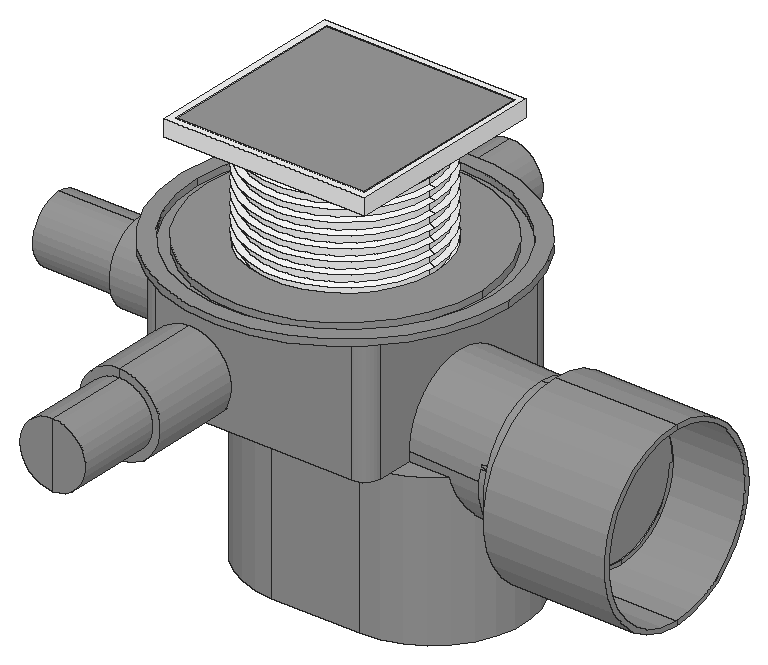
Revit family "HL_Трап для внутренних помещений_HL70", category Instalační zařizovací předměty, Revit 2016
Family settings
  Typ součásti = Normální
  Kóta kulaté spojky = Použít průměr
  Číslo OmniClass = 23.70.50.21.24.14
  Nadpis OmniClass = Deck Waste Water Drains
  Založené na pracovní rovině = Ne
  Vždy vertikální = Ano
  Ořezat dutým tvarem při načtení = Ne
  Sdílené = Ano
  Bod výpočtu místnosti = Ano
Parameters (values of type "HL_Трап для внутренних помещений_HL70")
  РЕШЁТКА = "115x115mm/ V2A"
  РАЗМЕР = "DN75/110"
  ПРОПУСКНАЯ СПОСОБНОСТЬ [instance] = 0.0 L/s
  ПРОИЗВОДИТЕЛЬНОСТЬ = "1,12 l/s"
  ПРИЁМНОЕ ОТВЕРСТИЕ = "3 x DN40/50"
  ПРАВОВАЯ ИНФОРМАЦИЯ = "\"Авторские права(©), права на дизайн или какие либо другие права интелектуальной собственности являются исключительной собственностью компании HL Hutterer & Lechner. Изменению не подлежит. Файл семейства с данными о прозводителе изделия защищен паролем с водяным знаком.\""
  ПАДЕНИЕ ДАВЛЕНИЯ [instance] = 0.0 Pa
  НОМИНАЛЬНЫЙ ДИАМЕТР 4 [instance] = 40 mm
  НОМИНАЛЬНЫЙ ДИАМЕТР 3 [instance] = 40 mm
  НОМИНАЛЬНЫЙ ДИАМЕТР 2 [instance] = 40 mm
  НОМИНАЛЬНЫЙ ДИАМЕТР [instance] = 110 mm
  НАСАДКА = "12-70mm/123x123mm/ PP"
  МАТЕРИАЛ = "PE"
  МАКСИМАЛЬНАЯ НАГРУЗКА КЛАССА = "K3 - 300 kg"
  ВЫСОТА МОНТАЖА = "185 mm"
  ВЕС = "1,231 kg"
  Připojení ventilace = no
  Výrobce = "HL Hutterer & Lechner GmbH"
  URL = "http://www.hutterer-lechner.com/ru/products/catalog/roof-drains/HL70.aspx"
  Připojení odpadu = yes
  Připojení HW = no
  Popis = "Трап для внутренних помещений"
  N [instance] = НОМИНАЛЬНЫЙ ДИАМЕТР = 110 mm  # yes
  Model = "HL70"
  L24 [instance] = 39 mm
  Komentáře k typům = "Трап для внутренних помещений DN75/110 горизонтальный с предохранительным затвором обратного потока воды и тремя входными отверстиями DN40/50, 123х123мм/115х115мм."
  Keynote = "HL70"
  Высота монтажа [instance] = 70 mm
  Připojení CW = no
  FO [instance] = FI1 + FI2 + FI3 + ПРОПУСКНАЯ СПОСОБНОСТЬ  # 0.0 L/s
  FI3 [instance] = 0.0 L/s
  FI2 [instance] = 0.0 L/s
  FI1 [instance] = 0.0 L/s
  EAN = "9003076700707"
  D4 [instance] = if(НОМИНАЛЬНЫЙ ДИАМЕТР 4 = 40 mm, 174.8 mm, if(НОМИНАЛЬНЫЙ ДИАМЕТР 4 = 50 mm, 123.8 mm, 0 mm))  # 174.8 mm
  D3 [instance] = if(НОМИНАЛЬНЫЙ ДИАМЕТР 3 = 40 mm, 175 mm, if(НОМИНАЛЬНЫЙ ДИАМЕТР 3 = 50 mm, 124 mm, 0 mm))  # 175 mm
  D2 [instance] = if(НОМИНАЛЬНЫЙ ДИАМЕТР 2 = 40 mm, 174.8 mm, if(НОМИНАЛЬНЫЙ ДИАМЕТР 2 = 50 mm, 123.8 mm, 0 mm))  # 174.8 mm
  D1 [instance] = if(НОМИНАЛЬНЫЙ ДИАМЕТР = 75 mm, 168.8 mm, 202.6 mm)  # 202.6 mm
  D [instance] = Высота монтажа + 56.6 mm  # 126.6 mm
  C [instance] = Высота монтажа + 56.6 mm  # 126.6 mm
  B [instance] = if(НОМИНАЛЬНЫЙ ДИАМЕТР = 75 mm, 81 mm, 87 mm) + Высота монтажа  # 157 mm
  A [instance] = if(B - 100 mm > 15 mm, B - 100 mm, 15 mm)  # 57 mm
Reference planes
  plane 1 "Center (Front/Back)": y = 0
  plane 2: z = 0
  plane 3 "Center (Left/Right)": x = 0
  plane 4 "Ball Joint Vertical": x = 25.45
  plane 5: z = -70
  plane 6: z = -157
  plane 7: x = -39
Lines and regions (mm)
  model lines, style "InvisibleLines"
    curve 1: line (0, 0, 0) -> (0, 0, 560)
  reference lines
    curve 2: line (172.6, 0, -157) -> (202.6, 0, -157)
    curve 6: line (-39, 0, -126.6) -> (-175, 0, -126.6)
    curve 24: line (-39, 0, -126.6) -> (-39, 174.8, -126.6)
    curve 25: line (-39, 0, -126.6) -> (-39, -174.8, -126.6)
  model lines, detail levels coarse+medium
    curve 3: line (0, 0, -157) -> (0, 0, -100)
    curve 4: line (0, 0, -100) -> (100, 0, 0)
    curve 5: line (0, 0, -100) -> (-100, 0, 0)
    curve 7: line (0, 0, -157) -> (202.6, 0, -157)
  symbolic lines, style "PlumbingFixtures", detail levels coarse+medium
    curve 8: line (-75, 75, 0) -> (75, 75, 0)
    curve 9: line (-75, -75, 0) -> (-75, 75, 0)
    curve 10: line (75, -75, 0) -> (-75, -75, 0)
    curve 11: line (75, 75, 0) -> (75, -75, 0)
    curve 12: line (-75, 75, 0) -> (-145.711, 145.711, 0)
    curve 13: line (75, 75, 0) -> (145.711, 145.711, 0)
    curve 14: line (-75, -75, 0) -> (-145.711, -145.711, 0)
    curve 15: line (75, -75, 0) -> (145.711, -145.711, 0)
  symbolic lines, style "PlumbingFixtures", not visible, detail levels coarse+medium
    curve 16: line (-75, 75, 0) -> (75, 75, 0)
    curve 17: line (-75, -75, 0) -> (-75, 75, 0)
    curve 18: line (75, -75, 0) -> (-75, -75, 0)
    curve 19: line (75, 75, 0) -> (75, -75, 0)
    curve 20: line (-75, 75, 0) -> (-145.711, 145.711, 0)
    curve 21: line (75, 75, 0) -> (145.711, 145.711, 0)
    curve 22: line (-75, -75, 0) -> (-145.711, -145.711, 0)
    curve 23: line (75, -75, 0) -> (145.711, -145.711, 0)
Text (mm)
  text "FLOOR" at (-198.233, 0, -26.556), in view "вид строительства"
Dimensions and locks
  locked: plane 4 "Ball Joint Vertical" to plane 3 "Center (Left/Right)" at 25.45
  "Высота монтажа": plane 2 to plane 5
  "A": curve 5 to plane 6
  "B": curve 5 to plane 6
  "B": curve 4 to plane 6
  "B": plane 2 to plane 6
  "C": plane 2 to curve 6
  "B": plane 2 to curve 7
  "D3": plane 3 "Center (Left/Right)" to curve 6
  "L24": plane 7 to plane 3 "Center (Left/Right)"
  "D1": curve 2 to plane 3 "Center (Left/Right)"
  "D1": curve 7 to plane 3 "Center (Left/Right)"
  "D4": curve 24 to plane 1 "Center (Front/Back)"
  "D2": plane 1 "Center (Front/Back)" to curve 25
  "D": curve 25 to plane 2
  locked: plane 5 to nested 4 at 81
  locked: curve 4 to plane 3 "Center (Left/Right)" (angle 45.00°)
  locked: plane 3 "Center (Left/Right)" to curve 5 (angle 45.00°)
  aligned and locked: level to plane 2
  aligned and locked: plane 2 to curve 1
  aligned and locked: plane 3 "Center (Left/Right)" to curve 1
  aligned and locked: plane 3 "Center (Left/Right)" to curve 5
  aligned and locked: plane 6 to curve 2
  aligned and locked: plane 5 to nested 1
  aligned and locked: nested 1 to plane 3 "Center (Left/Right)"
  aligned and locked: plane 3 "Center (Left/Right)" to nested 3
  aligned and locked: plane 3 "Center (Left/Right)" to nested 2
  aligned and locked: nested 3 to nested 2
  aligned and locked: plane 2 to nested 3
Automatic sketch dimensions
  level to curve 1 = 560 mm
  curve 6 to plane 7 = 0 mm
  curve 2 to curve 2 = 30 mm
  curve 25 to plane 1 "Center (Front/Back)" = 0 mm
Nested families
  nested 1: "HL-Трап для внутренних помещений-HL70K" at (0, 0, -70) x (-1, 0, 0) z (0, 0, 1), НОМИНАЛЬНЫЙ ДИАМЕТР 2 <- "НОМИНАЛЬНЫЙ ДИАМЕТР 2", НОМИНАЛЬНЫЙ ДИАМЕТР 3 <- "НОМИНАЛЬНЫЙ ДИАМЕТР 3", НОМИНАЛЬНЫЙ ДИАМЕТР 4 <- "НОМИНАЛЬНЫЙ ДИАМЕТР 4", type "HL-Трап для внутренних помещений-HL70K"
    with НОМИНАЛЬНЫЙ ДИАМЕТР 4 40 mm, НОМИНАЛЬНЫЙ ДИАМЕТР 3 40 mm, НОМИНАЛЬНЫЙ ДИАМЕТР 2 40 mm, НОМИНАЛЬНЫЙ ДИАМЕТР 110 mm, ND4 -90 mm, ND3 -90 mm, ND2 -90 mm
  nested 2: "HL-Решётка-HL037N.1E" at (0, 0, 0), type "HL-Решётка-HL037N.1E"
  nested 3: "HL-Насадка-HL037N.2E" at (0, 0, 0), Высота монтажа <- "Высота монтажа", type "HL037N.2E"
    with Высота монтажа 70 mm, RN 11, RL 71.5 mm, R yes, NL_Test yes, NL 90 mm
  nested 4: "HL-Уменьшение-HL0317.4E" at (128.625, 0, -212) x (1, 0, 0) z (0, 0, -1), visible <- "N", type "HL0317.4E"
Connectors
  piping at (202.6, 0, -157), diameter 110, driven by "НОМИНАЛЬНЫЙ ДИАМЕТР", driven by "FO"
    settings: on curve 2, index 1, connector inside diameter 609.6 mm, connector length 0 mm, flow factor 0, pipe flow 0.0 L/s, pressure drop 0.0 Pa, fitting loss kfactor 0, connector angle 0.00°, fixture units 0, engagement length 0 mm, angle of deflection 0.00°, flow configuration 1, flow direction 2, fitting loss method 0, system type 16, joint type 0, gender type 0, connector reference index 2, connector utility 0, adjustable connector yes, is connector primary no, connector description ""
  piping at (-175, 0, -126.6), diameter 40, driven by "НОМИНАЛЬНЫЙ ДИАМЕТР 3", driven by "FI2"
    settings: on curve 6, index 2, connector inside diameter 609.6 mm, connector length 0 mm, flow factor 0, pipe flow 0.0 L/s, pressure drop 0.0 Pa, fitting loss kfactor 0, connector angle 0.00°, fixture units 0, engagement length 0 mm, angle of deflection 0.00°, flow configuration 0, flow direction 1, fitting loss method 0, system type 16, joint type 0, gender type 0, connector reference index 1, connector utility 0, adjustable connector yes, is connector primary yes, connector description ""
  piping at (-39, 174.8, -126.6), diameter 40, driven by "НОМИНАЛЬНЫЙ ДИАМЕТР 4", driven by "FI3"
    settings: on curve 24, index 4, connector inside diameter 609.6 mm, connector length 0 mm, flow factor 0, pipe flow 0.0 L/s, pressure drop 0.0 Pa, fitting loss kfactor 0, connector angle 0.00°, fixture units 0, engagement length 0 mm, angle of deflection 0.00°, flow configuration 0, flow direction 1, fitting loss method 0, system type 16, joint type 0, gender type 0, connector reference index -1, connector utility 0, adjustable connector yes, is connector primary no, connector description ""
  piping at (-39, -174.8, -126.6), diameter 40, driven by "НОМИНАЛЬНЫЙ ДИАМЕТР 2", driven by "FI1"
    settings: on curve 25, index 5, connector inside diameter 609.6 mm, connector length 0 mm, flow factor 0, pipe flow 0.0 L/s, pressure drop 0.0 Pa, fitting loss kfactor 0, connector angle 0.00°, fixture units 0, engagement length 0 mm, angle of deflection 0.00°, flow configuration 0, flow direction 1, fitting loss method 0, system type 16, joint type 0, gender type 0, connector reference index -1, connector utility 0, adjustable connector yes, is connector primary no, connector description ""
Definition of nested family "HL-Трап для внутренних помещений-HL70K"
  Parameters
    РАЗМЕР = ""
    ПРОИЗВОДИТЕЛЬНОСТЬ = ""
    ПРИЁМНОЕ ОТВЕРСТИЕ = ""
    НОМИНАЛЬНЫЙ ДИАМЕТР 4 [instance] = 40 mm
    НОМИНАЛЬНЫЙ ДИАМЕТР 3 [instance] = 40 mm
    НОМИНАЛЬНЫЙ ДИАМЕТР 2 [instance] = 40 mm
    НОМИНАЛЬНЫЙ ДИАМЕТР [instance] = 0 mm
    МАТЕРИАЛ = ""
    ВЫСОТА МОНТАЖА = ""
    ВЕС = ""
    Manufacturer = ""
    URL = ""
    Description = ""
    ND4 [instance] = if(НОМИНАЛЬНЫЙ ДИАМЕТР 4 = 40 mm, -90 mm, if(НОМИНАЛЬНЫЙ ДИАМЕТР 4 = 50 mm, 0 mm, -100 mm))  # -90 mm
    ND3 [instance] = if(НОМИНАЛЬНЫЙ ДИАМЕТР 3 = 40 mm, -90 mm, if(НОМИНАЛЬНЫЙ ДИАМЕТР 3 = 50 mm, 0 mm, -100 mm))  # -90 mm
    ND2 [instance] = if(НОМИНАЛЬНЫЙ ДИАМЕТР 2 = 40 mm, -90 mm, if(НОМИНАЛЬНЫЙ ДИАМЕТР 2 = 50 mm, 0 mm, -100 mm))  # -90 mm
    Model = ""
    LEGAL NOTICE = ""
    Type Comments = ""
    Keynote = ""
    EAN = ""
    Cost = 0
  Types (2, lengths in mm): name | РАЗМЕР | ПРОИЗВОДИТЕЛЬНОСТЬ | ПРИЁМНОЕ ОТВЕРСТИЕ | МАТЕРИАЛ | ВЫСОТА МОНТАЖА | ВЕС | Manufacturer | URL | Description | Model | LEGAL NOTICE | Type Comments | Keynote | EAN
    (no name) | "" | "" | "" | "" | "" | "" | "" | "" | "" | "" | "" | "" | "" | ""
    HL-Трап для внутренних помещений-HL70K | "DN75/110" | "1,12 l/s" | "3 x DN40/50" | "PE" | "173 mm" | "0,726 kg" | "HL Hutterer & Lechner GmbH" | "http://www.hutterer-lechner.com/ru/products/catalog/roof-drains/HL70K.aspx" | "Трап для внутренних помещений" | "HL70K" | "\"Авторские права(©), права на дизайн или какие либо другие права интелектуальной собственности являются исключительной собственностью компании HL Hutterer & Lechner. Изменению не подлежит. Файл семейства с данными о прозводителе изделия защищен паролем с водяным знаком.\"" | "Трап для внутренних помещений DN75/110 горизонтальный с предохранительным затвором обратного потока воды и тремя входными отверстиями DN40/50." | "HL70K" | "9003076011995"
  Reference planes
    plane 1 "Střed (vpředu/vzadu)": y = 0
    plane 2: z = 0
    plane 3 "Střed (vlevo/vpravo)": x = 0
  Forms (mm)
    Extrusion 1, solid, detail levels fine
      sketch origin (0, 0, 0) x (1, 0, 0) y (0, 1, 0)
        loop
          circle (0, 0) r 100
        loop
          circle (0, 0) r 90.712
        loop
          circle (0, 0) r 83.924
        loop
          circle (0, 0) r 55.36
      from 0 to -4
    Extrusion 2, solid, detail levels fine
      sketch origin (0, 0, -4) x (0, 1, 0) y (1, 0, 0)
        loop
          circle (0, 0) r 93.56
      from 0 to 3
    Extrusion 3, solid, detail levels fine
      sketch origin (0, 0, -7) x (-1, 0, 0) y (0, 1, 0)
        loop
          arc (60, -70) -> (67.071, -67.071) -> (70, -60) r 10
          line (70, -60) -> (70, 60)
          arc (70, 60) -> (67.071, 67.071) -> (60, 70) r 10
          line (60, 70) -> (-60, 70)
          arc (-60, 70) -> (-67.071, 67.071) -> (-70, 60) r 10
          line (-70, 60) -> (-70, -60)
          arc (-70, -60) -> (-67.071, -67.071) -> (-60, -70) r 10
          line (-60, -70) -> (60, -70)
      from 0 to 74.618
    Extrusion 4, solid, detail levels fine
      sketch origin (0, 0, -81.618) x (0, -1, 0) y (-1, 0, 0)
        loop
          arc (-56, 0) -> (-0.32, -55.68) -> (55.36, 0) r 55.68
          line (55.36, 0) -> (55.36, 54)
          arc (55.36, 54) -> (-0.32, 109.68) -> (-56, 54) r 55.68
          line (-56, 54) -> (-56, 0)
      from 0 to 92
    Sweep 5, solid, detail levels fine
      path origin (0, 0, 1.669) x (1, 0, 0) y (0, 0, 1)
        loop
          line (-167.087, -116.62) -> (-37.204, -111.12)
      profile origin (-102.145, 0, -112.201) x (-0.042308, 0, 0.999105) y (0, -1, 0)
        loop
          circle (34.934, 0) r 39
    Revolve 6, solid, detail levels fine
      sketch origin (0, 0, 22.014) x (1, 0, 0) y (0, 0, 1)
        loop
          line (175, -78.618) -> (175, -58.618) -> (124.072, -58.618) -> (124.072, -53.618) -> (65, -53.618) -> (65, -78.618) -> (175, -78.618)
        axis (175, -78.618) -> (65, -78.618)
      angle from 0 to 360
    Extrusion 7, void
      sketch origin (124.072, 0, -56.604) x (0, -1, 0) y (0, 0, 1)
        loop
          circle (0, 0) r 25
      from -100 to -90 <- "ND3"
    Revolve 8, solid, detail levels fine
      sketch origin (39, -0.32, 22.014) x (0, 1, 0) y (0, 0, 1)
        loop
          line (175, -78.618) -> (175, -58.618) -> (124.072, -58.618) -> (124.072, -53.618) -> (65, -53.618) -> (65, -78.618) -> (175, -78.618)
        axis (175, -78.618) -> (65, -78.618)
      angle from 0 to 360
    Extrusion 9, void
      sketch origin (39, 123.752, -56.604) x (1, 0, 0) y (0, 0, 1)
        loop
          circle (0, 0) r 25
      from -100 to -90 <- "ND2"
    Revolve 10, solid, detail levels fine
      sketch origin (39, 0.32, 22.014) x (0, -1, 0) y (0, 0, -1)
        loop
          line (175, 78.618) -> (65, 78.618) -> (65, 53.618) -> (124.072, 53.618) -> (124.072, 58.618) -> (175, 58.618) -> (175, 78.618)
        axis (175, 78.618) -> (65, 78.618)
      angle from 0 to 360
    Extrusion 11, void
      sketch origin (39, -123.752, -56.604) x (0, 0, -1) y (-1, 0, 0)
        loop
          circle (0, 0) r 25
      from -100 to -90 <- "ND4"
  Cuts and joins
    Extrusion 11 cuts Revolve 10
    Extrusion 7 cuts Revolve 6
    Extrusion 9 cuts Revolve 8
  Dimensions and locks
    aligned and locked: level to plane 2
Definition of nested family "HL-Решётка-HL037N.1E"
  Parameters
    РАЗМЕР = "115x115mm"
    ПРАВОВАЯ ИНФОРМАЦИЯ = "\"Авторские права(©), права на дизайн или какие либо другие права интелектуальной собственности являются исключительной собственностью компании HL Hutterer & Lechner. Изменению не подлежит. Файл семейства с данными о прозводителе изделия защищен паролем с водяным знаком.\""
    МАТЕРИАЛ = "V2A"
    МАКСИМАЛЬНАЯ НАГРУЗКА КЛАССА = "K3 - 300 kg"
    ВЕС = "0,237 kg"
    Manufacturer = "HL Hutterer & Lechner GmbH"
    URL = "http://www.hutterer-lechner.com/ru/products/catalog/roof-drains/HL037N.1E.aspx"
    Description = "Вспомогательные материалы"
    Model = "HL037N.1E"
    Type Comments = "Решетка для сливных отверстий из высококачественной стали 115х115мм"
    Keynote = "HL037N.1E"
    EAN = "9003076015283"
    Cost = 0
  Reference planes
    plane 1 "Střed (vpředu/vzadu)": y = 0
    plane 2: z = 0
    plane 3 "Střed (vlevo/vpravo)": x = 0
  Forms (mm)
    Extrusion 1, solid, detail levels fine
      sketch origin (0, 0, 0) x (1, 0, 0) y (0, 1, 0)
        loop
          line (57.5, -57.5) -> (57.5, 57.5) -> (-57.5, 57.5) -> (-57.5, -57.5) -> (57.5, -57.5)
      from 0 to -5
  Lines and regions (mm)
    model lines, detail levels fine
      curve 1: line (43.841, 19.092, 0) -> (30.406, 5.657, 0)
      curve 2: line (25.456, 10.607, 0) -> (38.891, 24.042, 0)
      curve 3: line (37.477, 32.527, 0) -> (16.971, 12.021, 0)
      curve 4: line (12.021, 16.971, 0) -> (32.527, 37.477, 0)
      curve 5: line (24.042, 38.891, 0) -> (10.607, 25.456, 0)
      curve 6: line (5.657, 30.406, 0) -> (19.092, 43.841, 0)
      curve 7: arc (43.841, 19.092, 0) -> (43.841, 24.042, 0) -> (38.891, 24.042, 0) r 3.5
      curve 8: arc (37.477, 32.527, 0) -> (37.477, 37.477, 0) -> (32.527, 37.477, 0) r 3.5
      curve 9: arc (24.042, 38.891, 0) -> (24.042, 43.841, 0) -> (19.092, 43.841, 0) r 3.5
      curve 10: arc (10.607, 25.456, 0) -> (5.657, 25.456, 0) -> (5.657, 30.406, 0) r 3.5
      curve 11: arc (16.971, 12.021, 0) -> (12.021, 12.021, 0) -> (12.021, 16.971, 0) r 3.5
      curve 12: arc (30.406, 5.657, 0) -> (25.456, 5.657, 0) -> (25.456, 10.607, 0) r 3.5
      curve 13: line (43.841, -19.092, 0) -> (30.406, -5.657, 0)
      curve 14: line (25.456, -10.607, 0) -> (38.891, -24.042, 0)
      curve 15: line (37.477, -32.527, 0) -> (16.971, -12.021, 0)
      curve 16: line (12.021, -16.971, 0) -> (32.527, -37.477, 0)
      curve 17: line (24.042, -38.891, 0) -> (10.607, -25.456, 0)
      curve 18: line (5.657, -30.406, 0) -> (19.092, -43.841, 0)
      curve 19: arc (43.841, -19.092, 0) -> (43.841, -24.042, 0) -> (38.891, -24.042, 0) r 3.5
      curve 20: arc (37.477, -32.527, 0) -> (37.477, -37.477, 0) -> (32.527, -37.477, 0) r 3.5
      curve 21: arc (24.042, -38.891, 0) -> (24.042, -43.841, 0) -> (19.092, -43.841, 0) r 3.5
      curve 22: arc (10.607, -25.456, 0) -> (5.657, -25.456, 0) -> (5.657, -30.406, 0) r 3.5
      curve 23: arc (16.971, -12.021, 0) -> (12.021, -12.021, 0) -> (12.021, -16.971, 0) r 3.5
      curve 24: arc (30.406, -5.657, 0) -> (25.456, -5.657, 0) -> (25.456, -10.607, 0) r 3.5
      curve 25: line (-43.841, 19.092, 0) -> (-30.406, 5.657, 0)
      curve 26: line (-25.456, 10.607, 0) -> (-38.891, 24.042, 0)
      curve 27: line (-37.477, 32.527, 0) -> (-16.971, 12.021, 0)
      curve 28: line (-12.021, 16.971, 0) -> (-32.527, 37.477, 0)
      curve 29: line (-24.042, 38.891, 0) -> (-10.607, 25.456, 0)
      curve 30: line (-5.657, 30.406, 0) -> (-19.092, 43.841, 0)
      curve 31: arc (-43.841, 19.092, 0) -> (-43.841, 24.042, 0) -> (-38.891, 24.042, 0) r 3.5
      curve 32: arc (-37.477, 32.527, 0) -> (-37.477, 37.477, 0) -> (-32.527, 37.477, 0) r 3.5
      curve 33: arc (-24.042, 38.891, 0) -> (-24.042, 43.841, 0) -> (-19.092, 43.841, 0) r 3.5
      curve 34: arc (-10.607, 25.456, 0) -> (-5.657, 25.456, 0) -> (-5.657, 30.406, 0) r 3.5
      curve 35: arc (-16.971, 12.021, 0) -> (-12.021, 12.021, 0) -> (-12.021, 16.971, 0) r 3.5
      curve 36: arc (-30.406, 5.657, 0) -> (-25.456, 5.657, 0) -> (-25.456, 10.607, 0) r 3.5
      curve 37: line (-43.841, -19.092, 0) -> (-30.406, -5.657, 0)
      curve 38: line (-25.456, -10.607, 0) -> (-38.891, -24.042, 0)
      curve 39: line (-37.477, -32.527, 0) -> (-16.971, -12.021, 0)
      curve 40: line (-12.021, -16.971, 0) -> (-32.527, -37.477, 0)
      curve 41: line (-24.042, -38.891, 0) -> (-10.607, -25.456, 0)
      curve 42: line (-5.657, -30.406, 0) -> (-19.092, -43.841, 0)
      curve 43: arc (-43.841, -19.092, 0) -> (-43.841, -24.042, 0) -> (-38.891, -24.042, 0) r 3.5
      curve 44: arc (-37.477, -32.527, 0) -> (-37.477, -37.477, 0) -> (-32.527, -37.477, 0) r 3.5
      curve 45: arc (-24.042, -38.891, 0) -> (-24.042, -43.841, 0) -> (-19.092, -43.841, 0) r 3.5
      curve 46: arc (-10.607, -25.456, 0) -> (-5.657, -25.456, 0) -> (-5.657, -30.406, 0) r 3.5
      curve 47: arc (-16.971, -12.021, 0) -> (-12.021, -12.021, 0) -> (-12.021, -16.971, 0) r 3.5
      curve 48: arc (-30.406, -5.657, 0) -> (-25.456, -5.657, 0) -> (-25.456, -10.607, 0) r 3.5
  Dimensions and locks
    aligned and locked: level to plane 2
Definition of nested family "HL-Насадка-HL037N.2E"
  Parameters
    РАЗМЕР = "d 110 mm"
    ПРАВОВАЯ ИНФОРМАЦИЯ = "Авторские права(©), права на дизайн или какие либо другие права интелектуальной собственности являются исключительной собственностью компании HL Hutterer & Lechner. Изменению не подлежит. Файл семейства с данными о прозводителе изделия защищен паролем с водяным знаком."  # constant formula
    НАСАДКА = "123x123mm"
    МАТЕРИАЛ = "PP"
    Высота монтажа [instance] = 70 mm
    ВЫСОТА МОНТАЖА = "12-70mm"
    ВЕС = "0,08 [kg]"
    Waste Connection = yes
    Vent Connection = no
    RD = 6.5 mm  # constant formula
    R [instance] = ((Высота монтажа - NL_Min) / RD - 1) > 2  # yes
    RL [instance] = if(Высота монтажа < 18 mm, 1 mm, RD * RN)  # 71.5 mm
    NL_Test [instance] = and(or(Высота монтажа < NL_Max, Высота монтажа = NL_Max), or(Высота монтажа > NL_Min, Высота монтажа = NL_Min))  # yes
    NL_Min = 12 mm
    NL_Max = 70 mm
    NL [instance] = if(NL_Test, Высота монтажа + 20 mm, 0 mm)  # 90 mm
    RN [instance] = if((Высота монтажа + 20 mm - NL_Min) / RD - 1 < 2, 2, (Высота монтажа + 20 mm - NL_Min) / RD - 1)  # 11
    Manufacturer = "HL Hutterer & Lechner GmbH"  # constant formula
    URL = "http://www.hutterer-lechner.com/ru/products/catalog/floor-drains/attachments/HL037pr.11e.aspx"
    HW Connection = no
    Description = "Трапы для внутренних помещений - Комплектующие"
    Model = "HL037N.2E"
    Type Comments = "HL037N.2E Насадные подрамники d 110мм/90мм/123х123мм с О-кольцом"
    Keynote = "HL037N.2E"
    EAN = "9003076015290"
    CW Connection = no
  Reference planes
    plane 1 "Center (Front/Back)": y = 0
    plane 2: z = 0
    plane 3 "Center (Left/Right)": x = 0
    plane 4 "Ball Joint Vertical": x = 25.45
    plane 5: z = -90
  Forms (mm)
    Extrusion 1, solid, detail levels fine
      sketch origin (0, 0, 0) x (1, 0, 0) y (0, 1, 0)
        loop
          line (-61.5, 61.5) -> (-61.5, -61.5) -> (61.5, -61.5) -> (61.5, 61.5) -> (-61.5, 61.5)
      from -10 to 0
    Extrusion 2, solid, detail levels fine
      sketch origin (0, 0, 0) x (1, 0, 0) y (0, 1, 0)
        loop
          circle (0, 0) r 51.744
      from -90 to -10
    Extrusion 3, void
      sketch origin (0, 0, 0) x (1, 0, 0) y (0, 1, 0)
        loop
          line (-57.5, 57.5) -> (-57.5, -57.5) -> (57.5, -57.5) -> (57.5, 57.5) -> (-57.5, 57.5)
      from 0 to -8
  Cuts and joins
    Extrusion 3 cuts Extrusion 1
  Lines and regions (mm)
    symbolic lines
      curve 1: line (0, 0, -90) -> (0, 0, 0)
    model lines
      curve 2: line (0, 0, 0) -> (0, 0, 100)
  Text (mm)
    text "ROOF/FLOOR" at (-198.233, 0, -26.556), in view "Drain Construction View"
  Dimensions and locks
    locked: plane 4 "Ball Joint Vertical" to plane 3 "Center (Left/Right)" at 25.45
    "NL": plane 2 to plane 5
    equal spacing: group 1, group 3, group 4, group 5, group 6, group 7, group 8, group 9, group 10, group 11, group 2  (x3)
    "RL": nested 2 to nested 1
    locked: nested 1 to plane 5 at 1.516
    aligned and locked: level to plane 2
    aligned and locked: plane 3 "Center (Left/Right)" to nested 1
    aligned and locked: plane 1 "Center (Front/Back)" to nested 1
    aligned and locked: plane 2 to curve 1
    aligned and locked: plane 5 to curve 1
    aligned and locked: Extrusion 2 to plane 5
  Automatic sketch dimensions
    Extrusion 1 sketch curve to plane 3 "Center (Left/Right)" = 61.5 mm
    plane 4 "Ball Joint Vertical" to Extrusion 1 sketch curve = 36.05 mm
    plane 1 "Center (Front/Back)" to Extrusion 1 sketch curve = 61.5 mm
    Extrusion 1 sketch curve to plane 1 "Center (Front/Back)" = 61.5 mm
    plane 1 "Center (Front/Back)" to Extrusion 2 sketch curve = 0 mm
    Extrusion 2 sketch curve to plane 3 "Center (Left/Right)" = 0 mm
    Extrusion 3 sketch curve to plane 3 "Center (Left/Right)" = 57.5 mm
    plane 4 "Ball Joint Vertical" to Extrusion 3 sketch curve = 32.05 mm
    plane 1 "Center (Front/Back)" to Extrusion 3 sketch curve = 57.5 mm
    Extrusion 3 sketch curve to plane 1 "Center (Front/Back)" = 57.5 mm
    curve 2 to plane 3 "Center (Left/Right)" = 0 mm
    level to curve 2 = 100 mm
    radius of Extrusion 2 sketch curve = 51.744 mm
  Nested families
    nested 1: "Ring" at (0, 0, -88.484), visible <- "R", type "Ring"
    nested 2: "Ring" at (0, 0, -16.984), visible <- "R", type "Ring"
    nested 3: "Ring" at (0, 0, -81.334), visible <- "R", type "Ring"
    nested 4: "Ring" at (0, 0, -74.184), visible <- "R", type "Ring"
    nested 5: "Ring" at (0, 0, -67.034), visible <- "R", type "Ring"
    nested 6: "Ring" at (0, 0, -59.884), visible <- "R", type "Ring"
    nested 7: "Ring" at (0, 0, -52.734), visible <- "R", type "Ring"
    nested 8: "Ring" at (0, 0, -45.584), visible <- "R", type "Ring"
    nested 9: "Ring" at (0, 0, -38.434), visible <- "R", type "Ring"
    nested 10: "Ring" at (0, 0, -31.284), visible <- "R", type "Ring"
    nested 11: "Ring" at (0, 0, -24.134), visible <- "R", type "Ring"
  Definition of nested family "Ring"
    Parameters (values of type "Ring")
      Manufacturer = ""
      URL = ""
      R = D / 2  # 51.5 mm
      Description = ""
      Model = ""
      Material = none
      Type Comments = ""
      D = 103 mm
      Cost = 0
    Reference planes
      plane 1 "Střed (vpředu/vzadu)": y = 0
      plane 2: z = 0
      plane 3 "Střed (vlevo/vpravo)": x = 0
    Forms (mm)
      Revolve 1, solid, material <- "Material", detail levels fine
        sketch origin (0, 0, 0) x (1, 0, 0) y (0, 0, 1)
          loop
            line (-51.5, 1.482) -> (-54.764, 0) -> (-51.5, -1.516) -> (-51.5, 1.482)
          axis (0, 1.482) -> (0, -1.516)
        angle from 0 to 360
    Dimensions and locks
      "R": Revolve 1 sketch curve to plane 3 "Střed (vlevo/vpravo)"
      aligned and locked: level to plane 2
      aligned and locked: Revolve 1 sketch curve to plane 3 "Střed (vlevo/vpravo)"
    Automatic sketch dimensions
      Revolve 1 sketch curve to level = 0 mm
      Revolve 1 sketch curve to Revolve 1 sketch curve = 3.264 mm
      Revolve 1 sketch curve to level = 1.516 mm
      level to Revolve 1 sketch curve = 1.482 mm
      Revolve 1 sketch curve to level = 381 mm
      Revolve 1 sketch curve to Revolve 1 sketch curve = 2212.833 mm
Definition of nested family "HL-Уменьшение-HL0317.4E"
  Parameters
    РАЗМЕР = "DN110xDN75"
    ПРАВОВАЯ ИНФОРМАЦИЯ = "Авторские права(©), права на дизайн или какие либо другие права интелектуальной собственности являются исключительной собственностью компании HL Hutterer & Lechner. Изменению не подлежит. Файл семейства с данными о прозводителе изделия защищен паролем с водяным знаком."  # constant formula
    МАТЕРИАЛ = "PP"
    ВЕС = "0,10 [kg]"
    Waste Connection = yes
    Vent Connection = no
    Manufacturer = "HL Hutterer & Lechner GmbH"  # constant formula
    URL = "http://www.hutterer-lechner.com/ru/Products/catalog/floor-drains/attachments/HL0317.4E.aspx"
    HW Connection = no
    Description = "Трапы для внутренних помещений - Комплектующие"
    Model = "HL0317.4E"
    Type Comments = "HL0317.4E Уменьшение DN110xDN75"
    Keynote = "HL0317.4E"
    EAN = "9003076317042"
    CW Connection = no
  Reference planes
    plane 1 "Center (Front/Back)": y = 0
    plane 2: z = 0
    plane 3 "Center (Left/Right)": x = 0
    plane 4 "Ball Joint Vertical": x = 25.45
  Forms (mm)
    Revolve 1, solid, detail levels fine
      sketch origin (0, 0, 0) x (1, 0, 0) y (0, 0, 1)
        loop
          line (74, -2.7) -> (74, 0) -> (0, 0) -> (0, -55) -> (3, -55) -> (3, -2.7) -> (74, -2.7)
        axis (74, -55) -> (0, -55)
      angle from 0 to 360
    Revolve 2, solid, detail levels fine
      sketch origin (0, 0, 0) x (1, 0, 0) y (0, 0, 1)
        loop
          line (-15, -21.165) -> (-15, -23.3) -> (39.9, -23.3) -> (39.9, -21.3) -> (0, -21.3) -> (0, -17) -> (-8.629, -17) -> (-11.112, -21.165) -> (-15, -21.165)
        axis (-15, -61) -> (39.9, -61)
      angle from 0 to 360
    Extrusion 3, void
      sketch origin (0, 0, 0) x (0, 1, 0) y (0, 0, 1)
        loop
          arc (-33.715, -46.537) -> (-35.917, -53.62) -> (-36.661, -61) r 36.983
          arc (-36.661, -61) -> (-12.182, -95.805) -> (28.85, -84.535) r 36.983
          arc (28.85, -84.535) -> (31.932, -80.198) -> (34.36, -75.463) r 36.983
          arc (34.36, -75.463) -> (36.561, -68.38) -> (37.305, -61) r 36.983
          arc (37.305, -61) -> (7.702, -24.761) -> (-33.715, -46.537) r 36.983
      from 55.439 to -38.757
  Cuts and joins
    Extrusion 3 cuts Revolve 1
  Lines and regions (mm)
    reference lines
      curve 1: line (39.9, 0, -61) -> (-15, 0, -61)
  Text (mm)
    text "ROOF/FLOOR" at (-198.233, 0, -26.556), in view "Drain Construction View"
  Dimensions and locks
    locked: plane 4 "Ball Joint Vertical" to plane 3 "Center (Left/Right)" at 25.45
    aligned and locked: level to plane 2
